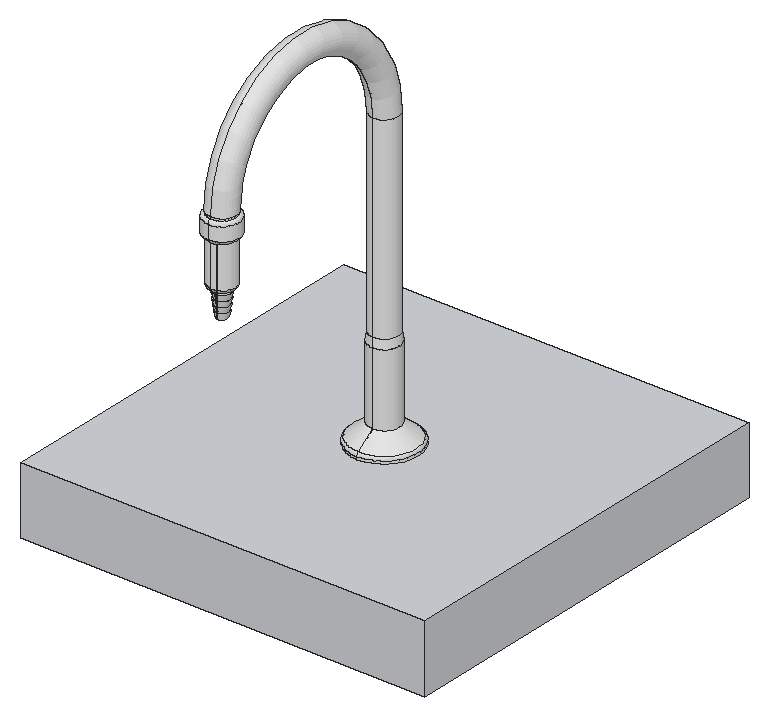
Revit family
Parameters (values of type "TL10F-16C")
  WELSRating_ANZRS = "5 star"
  URL = "www.galvinengineering.com.au"
  Type Comments = "TL10"
  TubeNozzleVisibility = yes
  StyleOrType_ANZRS = "Plumbing Fixture"
  Seating = "Jumper Valve"
  PlumbingMaterial_ANZRS = Metal_Taps_DR-Brass-with-Chrome-Finish_10800
  Outlet = "#16 XT Tube Nozzle with Integral Mini Dual Check Valve"
  ModifiedIssue_ANZRS = 20120305.01  # constant formula
  Model = "TL10F-16C"
  Manufacturer = "Galvin Engineering"
  Keynote = "15400"
  Instructions = "http://www.galvinengineering.com.au/Installation_Guides_1.aspx"
  Inlet = "15mm Male"
  FlowRate = 0.10 L/s
  FilterObject_ANZRS = "TL10"
  Description = "Lab Bench Mounted Outlet Type 10 Fixed"
  Default Elevation = 900 mm
  CreatedBy_ANZRS = "Galvin Engineering"
  CreatedByURL_ANZRS = "www.galvinengineering.com.au"
  CreatedByPhoneNo_ANZRS = "61-8-92495900"
  Circulation_ANZRS = yes
  Assembly Code = "D2010"
  AeratorVisibility = not(TubeNozzleVisibility)  # no
Types (5, lengths in mm): name | TubeNozzleVisibility | Outlet | Model | Description | AeratorVisibility
  (no name) | yes | "#16 XT Tube Nozzle with Integral Mini Dual Check Valve" | "TL10F-16C" | "Lab Bench Mounted Outlet Type 10 Fixed" | no
  TL10S-16C | yes | "#16 XT Tube Nozzle with Integral Mini Dual Check Valve" | "TL10S-16C" | "Lab Bench Mounted Outlet Type 10 Swivel" | no
  TL10S-1C | no | "#1 Aerator" | "TL10S-1C" | "Lab Bench Mounted Outlet Type 10 Swivel" | yes
  TL10F-16C | yes | "#16 XT Tube Nozzle with Integral Mini Dual Check Valve" | "TL10F-16C" | "Lab Bench Mounted Outlet Type 10 Fixed" | no
  TL10F-1C | no | "#1 Aerator" | "TL10F-1C" | "Lab Bench Mounted Outlet Type 10 Fixed" | yes
Reference planes
  plane 1 "Center (Front/Back)": y = 0
  plane 2 "Face": z = 0
  plane 3 "Center (Left/Right)": x = 0
Forms (mm)
  Extrusion 1, solid
    sketch origin (0, -719.2, 0) x (1, 0, 0) y (0, 1, 0)
      loop
        line (-150, 869.2) -> (-150, 569.2) -> (150, 569.2) -> (150, 869.2) -> (-150, 869.2)
    from 0 to -50
  Revolve 2, solid, material "Metal_Taps_DR-Brass-with-Chrome-Finish_10800" <- "PlumbingMaterial_ANZRS"
    sketch origin (0, 0, 0) x (0, 1, 0) y (0, 0, 1)
      loop
        line (11.112, 14.368) -> (11.112, 68.064) -> (10.3, 74.665) -> (0, 74.665) -> (0, 0) -> (25.15, 0) -> (25.15, 2)
        arc (25.15, 2) -> (24.844, 3.319) -> (23.99, 4.37) r 3
        line (23.99, 4.37) -> (11.112, 14.368)
      axis (0, 74.665) -> (0, 0)
    angle from 0 to 360
  Sweep 3, solid, material "Metal_Taps_DR-Brass-with-Chrome-Finish_10800" <- "PlumbingMaterial_ANZRS"
    path origin (0, 0, 0) x (0, 1, 0) y (0, 0, 1)
      loop
        line (0, 74.665) -> (0, 220.477)
        arc (0, 220.477) -> (-75.233, 295.71) -> (-150.467, 220.477) r 75.233
        line (-150.467, 220.477) -> (-150.467, 219.3)
    profile origin (0, 0, 147.571) x (0, -1, 0) y (1, 0, 0)
      loop
        circle (0, 0) r 10.3
  Revolve 4, solid, material "Metal_Taps_DR-Brass-with-Chrome-Finish_10800" <- "PlumbingMaterial_ANZRS", visible <- "TubeNozzleVisibility"
    sketch origin (0, 0, 0) x (0, 1, 0) y (0, 0, 1)
      loop
        line (-146.716, 150) -> (-145.466, 154.3) -> (-146.305, 154.3) -> (-144.916, 158.6) -> (-145.716, 158.6) -> (-144.466, 162.9) -> (-145.286, 162.9) -> (-143.966, 167.2) -> (-144.766, 167.2) -> (-144.766, 170.7) -> (-142.468, 170.7)
        arc (-142.468, 170.7) -> (-141.054, 171.286) -> (-140.468, 172.7) r 2
        line (-140.468, 172.7) -> (-140.468, 203.638) -> (-137.767, 206.435) -> (-137.767, 216.8)
        arc (-137.767, 216.8) -> (-138.499, 218.568) -> (-140.267, 219.3) r 2.5
        line (-140.267, 219.3) -> (-147.704, 219.3) -> (-147.704, 150) -> (-146.716, 150)
      axis (-150.468, 219.3) -> (-150.468, 150)
    angle from 0 to 360
  Revolve 5, solid, material "Metal_Taps_DR-Brass-with-Chrome-Finish_10800" <- "PlumbingMaterial_ANZRS", visible <- "AeratorVisibility"
    sketch origin (0, 0, 0) x (0, 1, 0) y (0, 0, 1)
      loop
        line (-159.842, 197.6) -> (-159.842, 214.6) -> (-150.467, 214.6) -> (-150.467, 219.2) -> (-160.667, 219.2)
        arc (-160.667, 219.2) -> (-162.435, 218.468) -> (-163.167, 216.7) r 2.5
        line (-163.167, 216.7) -> (-163.167, 214.6) -> (-162.067, 214.6) -> (-162.067, 201.1)
        arc (-162.067, 201.1) -> (-161.949, 199.319) -> (-161.467, 197.6) r 8.634
        line (-161.467, 197.6) -> (-159.842, 197.6)
      axis (-150.467, 197.6) -> (-150.467, 219.2)
    angle from 0 to 360
Lines and regions (mm)
  symbolic lines, style "Taps/Mixers"
    curve 1: line (0, -25.15, 0) -> (0, 25.15, 0)
    curve 2: line (0, -25.15, 2) -> (0, -25.15, 0)
    curve 3: line (0, 25.15, 2) -> (0, -25.15, 2)
    curve 4: line (0, 25.15, 0) -> (0, 25.15, 2)
    curve 5: arc (0, 25.15, 2) -> (0, 24.844, 3.319) -> (0, 23.99, 4.37) r 3
    curve 6: arc (0, -23.99, 4.37) -> (0, -24.844, 3.319) -> (0, -25.15, 2) r 3
    curve 7: line (0, -23.99, 4.37) -> (0, -11.2, 14.3)
    curve 8: line (0, 11.2, 14.3) -> (0, 23.99, 4.37)
    curve 9: line (0, -11.2, 14.3) -> (0, 11.2, 14.3)
    curve 10: line (0, -11.113, 68.064) -> (0, -11.113, 14.3)
    curve 11: line (0, 11.112, 14.3) -> (0, 11.112, 68.064)
    curve 13: line (0, -10.3, 74.665) -> (0, -11.113, 68.064)
    curve 14: line (0, 10.3, 74.665) -> (0, -10.3, 74.665)
    curve 15: line (0, 11.112, 68.064) -> (0, 10.3, 74.665)
    curve 16: line (0, -11.1, 68.165) -> (0, 11.1, 68.165)
    curve 18: line (0, -9.525, 74.665) -> (0, -9.525, 220.475)
    curve 19: line (0, 9.525, 220.476) -> (0, 9.525, 74.665)
    curve 20: arc (0, -9.525, 220.475) -> (0, -75.589, 285.949) -> (0, -140.467, 219.3) r 65.476
    curve 21: arc (0, 9.525, 220.476) -> (0, -75.589, 305) -> (0, -159.519, 219.3) r 84.526
    curve 22: line (0, -140.267, 219.3) -> (0, -160.667, 219.3)
    curve 23: arc (0, -160.667, 219.3) -> (0, -162.435, 218.568) -> (0, -163.167, 216.8) r 2.5
    curve 24: arc (0, -137.767, 216.812) -> (0, -138.503, 218.572) -> (0, -140.267, 219.3) r 2.5
    curve 27: line (0, -137.767, 216.812) -> (0, -137.767, 214.6)
    curve 62: line (-25.15, 0, 0) -> (25.15, 0, 0)
    curve 63: line (-25.15, 0, 2) -> (-25.15, 0, 0)
    curve 64: line (25.15, 0, 2) -> (-25.15, 0, 2)
    curve 65: line (25.15, 0, 0) -> (25.15, 0, 2)
    curve 66: arc (25.15, 0, 2) -> (24.844, 0, 3.319) -> (23.99, 0, 4.37) r 3
    curve 67: arc (-23.99, 0, 4.37) -> (-24.844, 0, 3.319) -> (-25.15, 0, 2) r 3
    curve 68: line (-23.99, 0, 4.37) -> (-11.2, 0, 14.3)
    curve 69: line (11.2, 0, 14.3) -> (23.99, 0, 4.37)
    curve 70: line (-11.2, 0, 14.3) -> (11.2, 0, 14.3)
    curve 71: line (-11.113, 0, 68.064) -> (-11.113, 0, 14.3)
    curve 72: line (11.112, 0, 14.3) -> (11.112, 0, 68.064)
    curve 74: line (-10.3, 0, 74.665) -> (-11.113, 0, 68.064)
    curve 75: line (10.3, 0, 74.665) -> (-10.3, 0, 74.665)
    curve 76: line (11.112, 0, 68.064) -> (10.3, 0, 74.665)
    curve 77: line (-11.1, 0, 68.165) -> (11.1, 0, 68.165)
    curve 79: line (-9.525, 0, 74.665) -> (-9.525, 0, 171.407)
    curve 80: line (9.525, 0, 171.407) -> (9.525, 0, 74.665)
    curve 81: line (-9.525, 0, 219.3) -> (-9.525, 0, 295.475)
    curve 82: line (9.525, 0, 295.475) -> (9.525, 0, 219.3)
    curve 83: arc (-9.525, 0, 295.475) -> (0, 0, 305) -> (9.525, 0, 295.475) r 9.525
    curve 84: line (-10.3, 0, 0) -> (-10.3, -150.625, 0)
    curve 85: line (10.3, 0, 0) -> (10.3, -150.625, 0)
    curve 86: arc (10.3, 0, 0) -> (0, 10.3, 0) -> (-10.3, 0, 0) r 10.3
    curve 87: arc (-10.3, -150.625, 0) -> (0, -160.925, 0) -> (10.3, -150.625, 0) r 10.3
    curve 88: arc (-10.3, -143.067, 0) -> (0, -163.4, 0) -> (10.3, -143.067, 0) r 12.775
    curve 89: arc (10.3, -22.78, 0) -> (0, 25, 0) -> (-10.3, -22.78, 0) r 25
    curve 96: line (0, -163.167, 214.6) -> (0, -163.167, 216.8)
    curve 98: line (10.2, 0, 219.3) -> (-10.2, 0, 219.3)
    curve 99: arc (-10.2, 0, 219.3) -> (-11.968, 0, 218.568) -> (-12.7, 0, 216.8) r 2.5
    curve 100: arc (12.7, 0, 216.812) -> (11.963, 0, 218.572) -> (10.2, 0, 219.3) r 2.5
    curve 103: line (12.7, 0, 216.812) -> (12.7, 0, 214.6)
    curve 144: line (-12.7, 0, 214.6) -> (-12.7, 0, 216.8)
  symbolic lines, style "Taps/Mixers", detail levels medium+fine
    curve 12: line (0, 11.112, 67.498) -> (0, -11.113, 67.498)
    curve 17: line (0, -11.113, 67.665) -> (0, 11.112, 67.665)
    curve 73: line (11.112, 0, 67.498) -> (-11.113, 0, 67.498)
    curve 78: line (-11.113, 0, 67.665) -> (11.112, 0, 67.665)
  symbolic lines, style "Taps/Mixers", visible <- "TubeNozzleVisibility"
    curve 25: line (0, -163.167, 206.435) -> (0, -163.167, 214.6)
    curve 28: line (0, -137.767, 206.435) -> (0, -163.167, 206.435)
    curve 29: line (0, -160.466, 172.7) -> (0, -160.466, 203.638)
    curve 30: line (0, -160.466, 203.638) -> (0, -140.468, 203.638)
    curve 31: line (0, -140.468, 203.638) -> (0, -140.468, 172.7)
    curve 32: arc (0, -140.468, 172.7) -> (0, -141.054, 171.286) -> (0, -142.468, 170.7) r 2
    curve 33: line (0, -142.468, 170.7) -> (0, -158.466, 170.7)
    curve 34: arc (0, -158.466, 170.7) -> (0, -159.88, 171.286) -> (0, -160.466, 172.7) r 2
    curve 35: line (0, -156.888, 166.899) -> (0, -155.816, 162.9)
    curve 36: line (0, -156.266, 170.7) -> (0, -156.266, 167.2)
    curve 37: line (0, -144.668, 170.7) -> (0, -144.668, 167.2)
    curve 38: line (0, -156.393, 162.62) -> (0, -155.318, 158.6)
    curve 39: line (0, -155.946, 158.332) -> (0, -154.868, 154.3)
    curve 40: line (0, -155.38, 153.998) -> (0, -154.269, 150.177)
    curve 41: line (0, -160.466, 203.638) -> (0, -163.167, 206.435)
    curve 42: line (0, -137.767, 206.435) -> (0, -140.468, 203.638)
    curve 43: line (0, -144.046, 166.899) -> (0, -145.118, 162.9)
    curve 44: line (0, -144.541, 162.62) -> (0, -145.616, 158.6)
    curve 45: line (0, -144.988, 158.332) -> (0, -146.066, 154.3)
    curve 46: line (0, -145.553, 153.998) -> (0, -146.664, 150.177)
    curve 47: line (0, -146.9, 150) -> (0, -154.034, 150)
    curve 48: line (0, -145.78, 154.3) -> (0, -155.154, 154.3)
    curve 49: line (0, -145.194, 158.6) -> (0, -155.74, 158.6)
    curve 50: line (0, -144.756, 162.9) -> (0, -156.178, 162.9)
    curve 51: line (0, -144.277, 167.2) -> (0, -156.657, 167.2)
    curve 52: arc (0, -155.154, 154.3) -> (0, -155.343, 154.206) -> (0, -155.38, 153.998) r 0.236
    curve 53: arc (0, -155.74, 158.6) -> (0, -155.909, 158.517) -> (0, -155.946, 158.332) r 0.213
    curve 54: arc (0, -156.178, 162.9) -> (0, -156.355, 162.813) -> (0, -156.393, 162.62) r 0.223
    curve 55: arc (0, -156.657, 167.2) -> (0, -156.846, 167.107) -> (0, -156.888, 166.899) r 0.239
    curve 56: arc (0, -154.269, 150.177) -> (0, -154.181, 150.049) -> (0, -154.034, 150) r 0.245
    curve 57: arc (0, -145.78, 154.3) -> (0, -145.591, 154.206) -> (0, -145.553, 153.998) r 0.236
    curve 58: arc (0, -145.194, 158.6) -> (0, -145.024, 158.517) -> (0, -144.988, 158.332) r 0.213
    curve 59: arc (0, -144.756, 162.9) -> (0, -144.579, 162.813) -> (0, -144.541, 162.62) r 0.223
    curve 60: arc (0, -144.277, 167.2) -> (0, -144.087, 167.107) -> (0, -144.046, 166.899) r 0.239
    curve 61: arc (0, -146.664, 150.177) -> (0, -146.753, 150.049) -> (0, -146.9, 150) r 0.245
    curve 97: line (0, -137.767, 214.6) -> (0, -137.767, 206.435)
    curve 101: line (-12.7, 0, 206.435) -> (-12.7, 0, 214.6)
    curve 104: line (12.7, 0, 206.435) -> (-12.7, 0, 206.435)
    curve 105: line (-9.999, 0, 172.7) -> (-9.999, 0, 203.638)
    curve 106: line (-9.999, 0, 203.638) -> (9.999, 0, 203.638)
    curve 107: line (9.999, 0, 203.638) -> (9.999, 0, 172.7)
    curve 108: arc (9.999, 0, 172.7) -> (9.413, 0, 171.286) -> (7.999, 0, 170.7) r 2
    curve 109: line (7.999, 0, 170.7) -> (-7.999, 0, 170.7)
    curve 110: arc (-7.999, 0, 170.7) -> (-9.413, 0, 171.286) -> (-9.999, 0, 172.7) r 2
    curve 111: line (-6.421, 0, 166.899) -> (-5.349, 0, 162.9)
    curve 112: line (-5.799, 0, 170.7) -> (-5.799, 0, 167.2)
    curve 113: line (5.799, 0, 170.7) -> (5.799, 0, 167.2)
    curve 114: line (-5.926, 0, 162.62) -> (-4.851, 0, 158.6)
    curve 115: line (-5.479, 0, 158.332) -> (-4.401, 0, 154.3)
    curve 116: line (-4.913, 0, 153.998) -> (-3.803, 0, 150.177)
    curve 117: line (-9.999, 0, 203.638) -> (-12.7, 0, 206.435)
    curve 118: line (12.7, 0, 206.435) -> (9.999, 0, 203.638)
    curve 119: line (6.421, 0, 166.899) -> (5.349, 0, 162.9)
    curve 120: line (5.926, 0, 162.62) -> (4.851, 0, 158.6)
    curve 121: line (5.479, 0, 158.332) -> (4.401, 0, 154.3)
    curve 122: line (4.913, 0, 153.998) -> (3.803, 0, 150.177)
    curve 123: line (3.567, 0, 150) -> (-3.567, 0, 150)
    curve 124: line (4.687, 0, 154.3) -> (-4.687, 0, 154.3)
    curve 125: line (5.273, 0, 158.6) -> (-5.273, 0, 158.6)
    curve 126: line (5.711, 0, 162.9) -> (-5.711, 0, 162.9)
    curve 127: line (6.19, 0, 167.2) -> (-6.19, 0, 167.2)
    curve 128: arc (-4.687, 0, 154.3) -> (-4.876, 0, 154.206) -> (-4.913, 0, 153.998) r 0.236
    curve 129: arc (-5.273, 0, 158.6) -> (-5.443, 0, 158.517) -> (-5.479, 0, 158.332) r 0.213
    curve 130: arc (-5.711, 0, 162.9) -> (-5.888, 0, 162.813) -> (-5.926, 0, 162.62) r 0.223
    curve 131: arc (-6.19, 0, 167.2) -> (-6.379, 0, 167.107) -> (-6.421, 0, 166.899) r 0.239
    curve 132: arc (-3.803, 0, 150.177) -> (-3.714, 0, 150.049) -> (-3.567, 0, 150) r 0.245
    curve 133: arc (4.687, 0, 154.3) -> (4.876, 0, 154.206) -> (4.913, 0, 153.998) r 0.236
    curve 134: arc (5.273, 0, 158.6) -> (5.443, 0, 158.517) -> (5.479, 0, 158.332) r 0.213
    curve 135: arc (5.711, 0, 162.9) -> (5.888, 0, 162.813) -> (5.926, 0, 162.62) r 0.223
    curve 136: arc (6.19, 0, 167.2) -> (6.379, 0, 167.107) -> (6.421, 0, 166.899) r 0.239
    curve 137: arc (3.803, 0, 150.177) -> (3.714, 0, 150.049) -> (3.567, 0, 150) r 0.245
    curve 145: line (12.7, 0, 214.6) -> (12.7, 0, 206.435)
  symbolic lines, style "Taps/Mixers", visible <- "AeratorVisibility"
    curve 26: line (0, -163.167, 214.6) -> (0, -137.767, 214.6)
    curve 90: line (0, -162.067, 201.1) -> (0, -162.067, 214.6)
    curve 91: arc (0, -162.067, 201.1) -> (0, -161.949, 199.319) -> (0, -161.467, 197.6) r 8.634
    curve 92: line (0, -161.467, 197.6) -> (0, -139.467, 197.6)
    curve 93: arc (0, -139.467, 197.6) -> (0, -138.985, 199.319) -> (0, -138.867, 201.1) r 8.634
    curve 94: line (0, -138.867, 214.6) -> (0, -138.867, 201.1)
    curve 95: line (0, -138.867, 201.1) -> (0, -162.067, 201.1)
    curve 102: line (-12.7, 0, 214.6) -> (12.7, 0, 214.6)
    curve 138: line (-11.6, 0, 201.1) -> (-11.6, 0, 214.6)
    curve 139: arc (-11.6, 0, 201.1) -> (-11.482, 0, 199.319) -> (-11, 0, 197.6) r 8.634
    curve 140: line (-11, 0, 197.6) -> (11, 0, 197.6)
    curve 141: arc (11, 0, 197.6) -> (11.482, 0, 199.319) -> (11.6, 0, 201.1) r 8.634
    curve 142: line (11.6, 0, 214.6) -> (11.6, 0, 201.1)
    curve 143: line (11.6, 0, 201.1) -> (-11.6, 0, 201.1)
Dimensions and locks
  aligned and locked: plane 2 "Face" to Extrusion 1
  aligned and locked: level to Extrusion 1
Connectors
  piping at (0, 0, 0), driven by "FlowRate"
    settings: on Extrusion 1, index 1, connector radius 0.29528", flow factor 0, pipe flow 0.10 L/s, pressure drop 0.00 psi, fitting loss kfactor 0, connector angle 0.00°, fixture units 0, flow configuration 1, flow direction 1, fitting loss method 0, system type 20, connector reference index -1, connector utility 0, adjustable connector no, is connector primary yes, fitting loss table "", connector description "CW"
